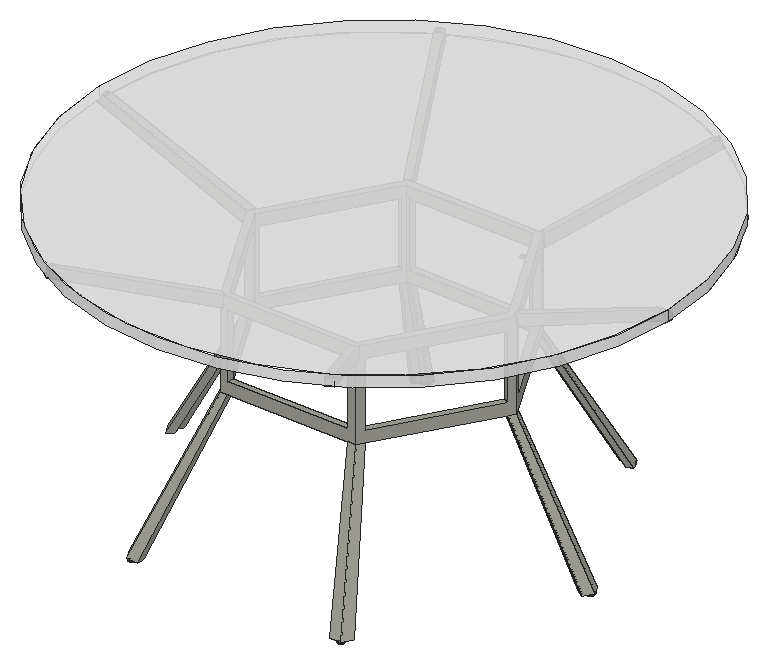
Revit family "Haworth_Janus_Slant_Table_Dining_Round", category Furniture, Revit 2018 (continued)
Automatic sketch dimensions
  Revolve 32 sketch curve to Revolve 32 sketch curve = 0"  (x3)
  Revolve 33 sketch curve to plane 8 = 0.03754"
  plane 3 "Center L/R" to Revolve 33 sketch curve = 14.36412"
  plane 10 to Revolve 33 sketch curve = 0.01245"
  Revolve 33 sketch curve to Revolve 33 sketch curve = 0.04502"
  Revolve 33 sketch curve to Revolve 33 sketch curve = 0.14972"
  Revolve 33 sketch curve to Revolve 33 sketch curve = 0.05"
  Revolve 33 sketch curve to Revolve 33 sketch curve = 0"  (x3)
  Revolve 34 sketch curve to plane 8 = 0.03754"
  plane 10 to Revolve 34 sketch curve = 0.01245"
  Revolve 34 sketch curve to Revolve 34 sketch curve = 0.04502"
  Revolve 34 sketch curve to Revolve 34 sketch curve = 0.14972"
  Revolve 34 sketch curve to Revolve 34 sketch curve = 0.05"
  Revolve 34 sketch curve to Revolve 34 sketch curve = 0"  (x3)
  Revolve 35 sketch curve to plane 8 = 0.03754"
  Revolve 35 sketch curve to plane 3 "Center L/R" = 14.98724"
  plane 10 to Revolve 35 sketch curve = 0.01245"
  Revolve 35 sketch curve to Revolve 35 sketch curve = 0.04502"
  Revolve 35 sketch curve to Revolve 35 sketch curve = 0.14972"
  Revolve 35 sketch curve to Revolve 35 sketch curve = 0.05"
  Revolve 35 sketch curve to Revolve 35 sketch curve = 0"  (x3)
  Revolve 36 sketch curve to plane 8 = 0.03754"
  plane 3 "Center L/R" to Revolve 36 sketch curve = 14.51276"
  plane 10 to Revolve 36 sketch curve = 0.01245"
  Revolve 36 sketch curve to Revolve 36 sketch curve = 0.04502"
  Revolve 36 sketch curve to Revolve 36 sketch curve = 0.14972"
  Revolve 36 sketch curve to Revolve 36 sketch curve = 0.05"
  Revolve 36 sketch curve to Revolve 36 sketch curve = 0"  (x3)
  Revolve 37 sketch curve to plane 8 = 0.03754"
  plane 3 "Center L/R" to Revolve 37 sketch curve = 14.51276"
  plane 10 to Revolve 37 sketch curve = 0.01245"
  Revolve 37 sketch curve to Revolve 37 sketch curve = 0.04502"
  Revolve 37 sketch curve to Revolve 37 sketch curve = 0.14972"
  Revolve 37 sketch curve to Revolve 37 sketch curve = 0.05"
  Revolve 37 sketch curve to Revolve 37 sketch curve = 0"  (x3)
  Revolve 38 sketch curve to plane 8 = 0.03754"
  Revolve 38 sketch curve to plane 3 "Center L/R" = 14.87083"
  plane 10 to Revolve 38 sketch curve = 0.01245"
  Revolve 38 sketch curve to Revolve 38 sketch curve = 0.04502"
  Revolve 38 sketch curve to Revolve 38 sketch curve = 0.14972"
  Revolve 38 sketch curve to Revolve 38 sketch curve = 0.05"
  Revolve 38 sketch curve to Revolve 38 sketch curve = 0"  (x3)
  Revolve 39 sketch curve to plane 7 = 0.00052"
  plane 3 "Center L/R" to Revolve 39 sketch curve = 10.6938"
  level to Revolve 39 sketch curve = 0.09948"
  Revolve 39 sketch curve to Revolve 39 sketch curve = 0.00016"
  Revolve 39 sketch curve to level = 0.00052"
  Revolve 39 sketch curve to Revolve 39 sketch curve = 7/64"
  Revolve 39 sketch curve to Revolve 39 sketch curve = 0.2654"
  Revolve 39 sketch curve to Revolve 39 sketch curve = 0"  (x3)
  Revolve 40 sketch curve to plane 7 = 0.00052"
  plane 3 "Center L/R" to Revolve 40 sketch curve = 10.69369"
  level to Revolve 40 sketch curve = 0.09948"
  Revolve 40 sketch curve to Revolve 40 sketch curve = 0.00016"
  Revolve 40 sketch curve to level = 0.00052"
  Revolve 40 sketch curve to Revolve 40 sketch curve = 7/64"
  Revolve 40 sketch curve to Revolve 40 sketch curve = 0.2654"
  Revolve 40 sketch curve to Revolve 40 sketch curve = 0"  (x3)
  Revolve 41 sketch curve to plane 7 = 0"  (x2)
  Revolve 41 sketch curve to level = 0"  (x2)
  level to Revolve 41 sketch curve = 0.1"
  Revolve 41 sketch curve to Revolve 41 sketch curve = 0.00016"
  Revolve 41 sketch curve to Revolve 41 sketch curve = 7/64"
  Revolve 41 sketch curve to Revolve 41 sketch curve = 0.2654"
  Revolve 41 sketch curve to Revolve 41 sketch curve = 0"
  Revolve 42 sketch curve to plane 7 = 0.00052"
  Revolve 42 sketch curve to plane 3 "Center L/R" = 11.36211"
  level to Revolve 42 sketch curve = 0.09948"
  Revolve 42 sketch curve to Revolve 42 sketch curve = 0.00016"
  Revolve 42 sketch curve to level = 0.00052"
  Revolve 42 sketch curve to Revolve 42 sketch curve = 7/64"
  Revolve 42 sketch curve to Revolve 42 sketch curve = 0.2654"
  Revolve 42 sketch curve to Revolve 42 sketch curve = 0"  (x3)
  Revolve 43 sketch curve to plane 7 = 0.00052"
  level to Revolve 43 sketch curve = 0.09948"
  Revolve 43 sketch curve to Revolve 43 sketch curve = 0.00016"
  Revolve 43 sketch curve to level = 0.00052"
  Revolve 43 sketch curve to Revolve 43 sketch curve = 7/64"
  Revolve 43 sketch curve to Revolve 43 sketch curve = 0.2654"
  Revolve 43 sketch curve to Revolve 43 sketch curve = 0"  (x3)
  Revolve 44 sketch curve to plane 7 = 0.00052"
  Revolve 44 sketch curve to plane 3 "Center L/R" = 11.37041"
  level to Revolve 44 sketch curve = 0.09948"
  Revolve 44 sketch curve to Revolve 44 sketch curve = 0.00016"
  Revolve 44 sketch curve to level = 0.00052"
  Revolve 44 sketch curve to Revolve 44 sketch curve = 7/64"
  Revolve 44 sketch curve to Revolve 44 sketch curve = 0.2654"
  Revolve 44 sketch curve to Revolve 44 sketch curve = 0"  (x3)
  Blend 5 sketch curve to plane 1 "Center F/B" = 17.73393"
  Blend 6 sketch curve to plane 1 "Center F/B" = 17.73392"
  Blend 12 sketch curve to plane 1 "Center F/B" = 17.75314"
  Extrusion 20 sketch curve to Extrusion 20 sketch curve = 11.78665"
  Blend 4 sketch curve to plane 3 "Center L/R" = 22.47188"
  Blend 10 sketch curve to plane 3 "Center L/R" = 16.74575"
  Blend 11 sketch curve to plane 3 "Center L/R" = 16.80724"
  Extrusion 26 sketch curve to Extrusion 26 sketch curve = 14.99444"
  Extrusion 26 sketch curve to Extrusion 26 sketch curve = 0.49374"
  Revolve 32 sketch curve to plane 3 "Center L/R" = 29.47425"
  Revolve 43 sketch curve to plane 3 "Center L/R" = 22.40063"
  plane 3 "Center L/R" to Blend 1 sketch curve = 21.34501"
  plane 3 "Center L/R" to Blend 7 sketch curve = 15.7441"
  plane 3 "Center L/R" to Blend 8 sketch curve = 15.708"
  plane 3 "Center L/R" to Revolve 34 sketch curve = 28.82817"
  plane 3 "Center L/R" to Revolve 41 sketch curve = 21.72737"
  plane 1 "Center F/B" to Blend 2 sketch curve = 19.8889"
  plane 1 "Center F/B" to Blend 3 sketch curve = 19.8889"
  plane 1 "Center F/B" to Blend 9 sketch curve = 19 191/256"
  Extrusion 21 sketch curve to Extrusion 21 sketch curve = 11.78665"
  plane 1 "Center F/B" to Extrusion 19 sketch curve = 0"
  Extrusion 19 sketch curve to plane 3 "Center L/R" = 0"
  plane 1 "Center F/B" to Masking region 1 sketch curve = 0"
  Masking region 1 sketch curve to plane 3 "Center L/R" = 0"
Types (3): name | Small | Radius | Model | Large | Description | Actual Width | Actual Depth
  (no name) | no | 30" | "HCJC-SL-TDN60-G" | yes | "Haworth Janus Slant Round Dining Table - Large" | 60" | 60"
  HCJC-SL-TDN48-G | yes | 24" | "HCJC-SL-TDN48-G" | no | "Haworth Janus Slant Round Dining Table - Small" | 48" | 48"
  HCJC-SL-TDN60-G | no | 30" | "HCJC-SL-TDN60-G" | yes | "Haworth Janus Slant Round Dining Table - Large" | 60" | 60"
